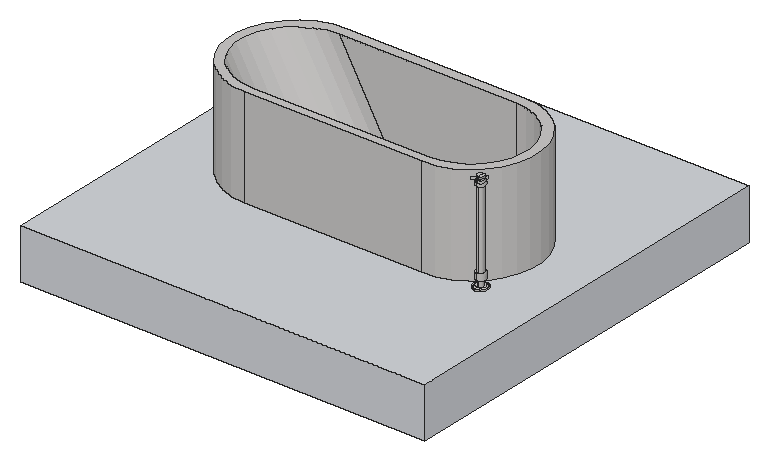
Revit family
Parameters (values of type "8972-AL")
  Waste Connection = yes
  WFU = 0
  Voltage = 0
  Vent Connection = no
  URL = "http://www.neo-metro.com"
  Type Comments = ""
  Tempered Water Connection = no
  Revised Date = "03/12/13"
  Phone# = "626-336-4561"
  Model = "8972-AL"
  Material = Stainless Steel
  Manufacturer = "Neo-Metro"
  HWFU = 0
  HW Connection = yes
  Designed By = "ATS BIM Team"
  Description = "Neo-Tub/Double Wall"
  Default Elevation = 0"
  CWFU = 0
  CW Connection = yes
  Assembly Code = ""
  Amperage = 0
Reference planes (in)
  plane 1 "Center (Front/Back)": y = 0
  plane 2: z = 0
  plane 3 "Center (Left/Right)": x = 0
  plane 4: y = 15.25
  plane 5: y = -15.25
  plane 6: x = 36.25
  plane 7: x = -36.25
  plane 8: x = -21
  plane 9: z = 23.625
  plane 10: z = 3.375
  plane 11: x = 2.75
  plane 12: x = 35.25
  plane 13: y = -12.125
Forms (in)
  Extrusion 1, solid
    sketch origin (0, 0, 0) x (1, 0, 0) y (0, 1, 0)
      loop
        line (-48, 48) -> (-48, -48) -> (48, -48) -> (48, 48) -> (-48, 48)
    from 0 to -12
  Extrusion 2, solid, material "Stainless Steel" <- "Material"
    sketch origin (0, 0, 0) x (1, 0, 0) y (0, 1, 0)
      loop
        arc (-21, 15.25) -> (-36.25, 0) -> (-21, -15.25) r 15.25
        line (-21, -15.25) -> (21, -15.25)
        arc (21, -15.25) -> (36.25, 0) -> (21, 15.25) r 15.25
        line (21, 15.25) -> (-21, 15.25)
    from 0 to 23.625
  Blend 3, void
    base sketch origin (0, 0, 0) x (1, 0, 0) y (0, 1, 0)
      loop
        arc (-9.55866, 12.75) -> (-22.55866, -0.25) -> (-9.55866, -13.25) r 13
        line (-9.55866, -13.25) -> (21, -13.25)
        arc (21, -13.25) -> (34, -0.25) -> (21, 12.75) r 13
        line (21, 12.75) -> (-9.55866, 12.75)
    top sketch origin (0, 0, 0) x (1, 0, 0) y (0, 1, 0)
      loop
        arc (-21, 12.75) -> (-34, -0.25) -> (-21, -13.25) r 13
        line (-21, -13.25) -> (21, -13.25)
        arc (21, -13.25) -> (34, -0.25) -> (21, 12.75) r 13
        line (21, 12.75) -> (-21, 12.75)
    from 3.375 to 23.625
  Extrusion 4, void
    sketch origin (0, 0, 0) x (1, 0, 0) y (0, 1, 0)
      loop
        circle (2.75, 0) r 1.5
    from 0.6022 to 3.9714
  Revolve 5, solid, material "Stainless Steel" <- "Material"
    sketch origin (-2.15251, -12.75, 0) x (1, 0, 0) y (0, 0, 1)
      loop
        line (35.25, 23.74009) -> (35.25, 0) -> (36.90251, 0) -> (36.90251, 0.19822) -> (36.65251, 0.19822) -> (36.47573, 0.375) -> (35.81384, 0.375) -> (35.81384, 1.875) -> (36.31384, 1.875) -> (36.31384, 3.375) -> (35.95056, 3.375) -> (35.95056, 21.9122) -> (36.31292, 21.9122) -> (36.31292, 22.4122) -> (36.09515, 22.4122) -> (36.09515, 22.89531) -> (35.95056, 23.0399) -> (35.95056, 23.44027) -> (36.06565, 23.74009) -> (35.25, 23.74009)
      axis (35.25, 23.74009) -> (35.25, 0)
    angle from -90 to 270
  Extrusion 6, solid, material "Stainless Steel" <- "Material"
    sketch origin (0, 0, 0) x (1, 0, 0) y (0, 1, 0)
      loop
        arc (32.45522, -9.90339) -> (31.4422, -11.09882) -> (30.23826, -12.10171) r 9.05499
        line (30.23826, -12.10171) -> (30.62477, -12.48822) -> (31.5441, -11.56889) -> (32.40151, -12.4263) -> (32.75507, -12.07275) -> (31.89765, -11.21533) -> (32.83241, -10.28058) -> (32.45522, -9.90339)
    from 22.4122 to 21.9122
  Revolve 7, solid, material "Stainless Steel" <- "Material"
    sketch origin (0, 0, 2.61369) x (1, 0, 0) y (0, 1, 0)
      loop
        line (31.36488, -9.99089) -> (30.86941, -10.48636) -> (32.60818, -12.35096) -> (33.1117, -11.88711) -> (31.36488, -9.99089)
      axis (30.85274, -10.46847) -> (32.61102, -12.354)
    angle from -90 to 270
Cuts and joins
  Blend 3, Extrusion 4 cuts Extrusion 2
Dimensions and locks (in)
  plane 7 to plane 6 = 72 1/2"
  plane 4 to plane 5 = 30 1/2"
  plane 13 to plane 1 "Center (Front/Back)" = 12 1/8"
  aligned and locked: plane 2 to Extrusion 1
  aligned and locked: level to Extrusion 1
